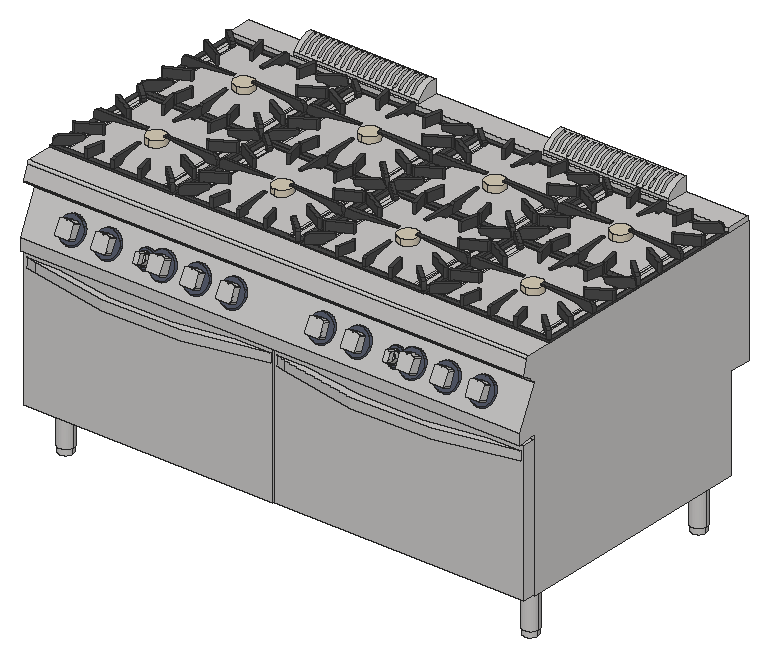
Revit family "QF_ZANUSSI_392017_Z9GCGP8SG0", category Specialty Equipment, Revit 2018 (continued)
Lines and regions (mm)
  symbolic lines
    curve 64: line (233.539, -63.911, 150) -> (242.835, -63.911, 150)
    curve 65: line (242.835, -63.911, 150) -> (242.835, -6.761, 150)
    curve 66: line (242.835, -6.761, 150) -> (233.539, -6.761, 150)
    curve 67: line (252.232, -6.761, 150) -> (252.232, -63.911, 150)
    curve 68: line (252.232, -63.911, 150) -> (261.528, -63.911, 150)
    curve 69: line (261.528, -63.911, 150) -> (261.528, -6.761, 150)
    curve 70: line (261.528, -6.761, 150) -> (252.232, -6.761, 150)
    curve 71: line (270.925, -6.761, 150) -> (270.925, -63.911, 150)
    curve 72: line (270.925, -63.911, 150) -> (280.22, -63.911, 150)
    curve 73: line (280.22, -63.911, 150) -> (280.22, -6.761, 150)
    curve 74: line (280.22, -6.761, 150) -> (270.925, -6.761, 150)
    curve 75: line (289.617, -6.761, 150) -> (289.617, -63.911, 150)
    curve 76: line (289.617, -63.911, 150) -> (298.913, -63.911, 150)
    curve 77: line (298.913, -63.911, 150) -> (298.913, -6.761, 150)
    curve 78: line (298.913, -6.761, 150) -> (289.617, -6.761, 150)
    curve 79: line (308.31, -6.761, 150) -> (308.31, -63.911, 150)
    curve 80: line (308.31, -63.911, 150) -> (317.606, -63.911, 150)
    curve 81: line (317.606, -63.911, 150) -> (317.606, -6.761, 150)
    curve 82: line (317.606, -6.761, 150) -> (308.31, -6.761, 150)
    curve 83: line (327.002, -6.761, 150) -> (327.002, -63.911, 150)
    curve 84: line (327.002, -63.911, 150) -> (336.298, -63.911, 150)
    curve 85: line (336.298, -63.911, 150) -> (336.298, -6.761, 150)
    curve 86: line (336.298, -6.761, 150) -> (327.002, -6.761, 150)
    curve 87: line (345.695, -6.761, 150) -> (345.695, -63.911, 150)
    curve 88: line (345.695, -63.911, 150) -> (354.991, -63.911, 150)
    curve 89: line (354.991, -63.911, 150) -> (354.991, -6.761, 150)
    curve 90: line (354.991, -6.761, 150) -> (345.695, -6.761, 150)
    curve 91: line (200, -69.85, 150) -> (200, 0, 150)
    curve 92: line (600, -69.85, 150) -> (600, 0, 150)
    curve 93: line (600, -69.85, 0) -> (200, -69.85, 0)
    curve 97: line (1370.006, -6.761, 150) -> (1370.006, -63.911, 150)
    curve 98: line (1370.006, -63.911, 150) -> (1379.302, -63.911, 150)
    curve 99: line (1379.302, -63.911, 150) -> (1379.302, -6.761, 150)
    curve 100: line (1379.302, -6.761, 150) -> (1370.006, -6.761, 150)
    curve 101: line (1164.388, -6.761, 150) -> (1164.388, -63.911, 150)
    curve 102: line (1164.388, -63.911, 150) -> (1173.683, -63.911, 150)
    curve 103: line (1173.683, -63.911, 150) -> (1173.683, -6.761, 150)
    curve 104: line (1173.683, -6.761, 150) -> (1164.388, -6.761, 150)
    curve 105: line (1183.08, -6.761, 150) -> (1183.08, -63.911, 150)
    curve 106: line (1183.08, -63.911, 150) -> (1192.376, -63.911, 150)
    curve 107: line (1192.376, -63.911, 150) -> (1192.376, -6.761, 150)
    curve 108: line (1192.376, -6.761, 150) -> (1183.08, -6.761, 150)
    curve 109: line (1201.773, -6.761, 150) -> (1201.773, -63.911, 150)
    curve 110: line (1201.773, -63.911, 150) -> (1211.069, -63.911, 150)
    curve 111: line (1211.069, -63.911, 150) -> (1211.069, -6.761, 150)
    curve 112: line (1211.069, -6.761, 150) -> (1201.773, -6.761, 150)
    curve 113: line (1220.466, -6.761, 150) -> (1220.466, -63.911, 150)
    curve 114: line (1220.466, -63.911, 150) -> (1229.761, -63.911, 150)
    curve 115: line (1229.761, -63.911, 150) -> (1229.761, -6.761, 150)
    curve 116: line (1229.761, -6.761, 150) -> (1220.466, -6.761, 150)
    curve 117: line (1239.158, -6.761, 150) -> (1239.158, -63.911, 150)
    curve 118: line (1239.158, -63.911, 150) -> (1248.454, -63.911, 150)
    curve 119: line (1248.454, -63.911, 150) -> (1248.454, -6.761, 150)
    curve 120: line (1248.454, -6.761, 150) -> (1239.158, -6.761, 150)
    curve 121: line (1257.851, -6.761, 150) -> (1257.851, -63.911, 150)
    curve 122: line (1257.851, -63.911, 150) -> (1267.146, -63.911, 150)
    curve 123: line (1267.146, -63.911, 150) -> (1267.146, -6.761, 150)
    curve 124: line (1267.146, -6.761, 150) -> (1257.851, -6.761, 150)
    curve 125: line (1276.543, -6.761, 150) -> (1276.543, -63.911, 150)
    curve 126: line (1276.543, -63.911, 150) -> (1285.839, -63.911, 150)
    curve 127: line (1285.839, -63.911, 150) -> (1285.839, -6.761, 150)
    curve 128: line (1285.839, -6.761, 150) -> (1276.543, -6.761, 150)
    curve 129: line (1295.236, -6.761, 150) -> (1295.236, -63.911, 150)
    curve 130: line (1295.236, -63.911, 150) -> (1304.532, -63.911, 150)
    curve 131: line (1304.532, -63.911, 150) -> (1304.532, -6.761, 150)
    curve 132: line (1304.532, -6.761, 150) -> (1295.236, -6.761, 150)
    curve 133: line (1313.929, -6.761, 150) -> (1313.929, -63.911, 150)
    curve 134: line (1313.929, -63.911, 150) -> (1323.224, -63.911, 150)
    curve 135: line (1323.224, -63.911, 150) -> (1323.224, -6.761, 150)
    curve 136: line (1323.224, -6.761, 150) -> (1313.929, -6.761, 150)
    curve 137: line (1332.621, -6.761, 150) -> (1332.621, -63.911, 150)
    curve 138: line (1332.621, -63.911, 150) -> (1341.917, -63.911, 150)
    curve 139: line (1341.917, -63.911, 150) -> (1341.917, -6.761, 150)
    curve 140: line (1341.917, -6.761, 150) -> (1332.621, -6.761, 150)
    curve 141: line (1351.314, -6.761, 150) -> (1351.314, -63.911, 150)
    curve 142: line (1351.314, -63.911, 150) -> (1360.61, -63.911, 150)
    curve 143: line (1360.61, -63.911, 150) -> (1360.61, -6.761, 150)
    curve 144: line (1360.61, -6.761, 150) -> (1351.314, -6.761, 150)
    curve 145: line (1014.847, -6.761, 150) -> (1014.847, -63.911, 150)
    curve 146: line (1014.847, -63.911, 150) -> (1024.143, -63.911, 150)
    curve 147: line (1024.143, -63.911, 150) -> (1024.143, -6.761, 150)
    curve 148: line (1024.143, -6.761, 150) -> (1014.847, -6.761, 150)
    curve 149: line (1033.539, -6.761, 150) -> (1033.539, -63.911, 150)
    curve 150: line (1033.539, -63.911, 150) -> (1042.835, -63.911, 150)
    curve 151: line (1042.835, -63.911, 150) -> (1042.835, -6.761, 150)
    curve 152: line (1042.835, -6.761, 150) -> (1033.539, -6.761, 150)
    curve 153: line (1052.232, -6.761, 150) -> (1052.232, -63.911, 150)
    curve 154: line (1052.232, -63.911, 150) -> (1061.528, -63.911, 150)
    curve 155: line (1061.528, -63.911, 150) -> (1061.528, -6.761, 150)
    curve 156: line (1061.528, -6.761, 150) -> (1052.232, -6.761, 150)
    curve 157: line (1070.925, -6.761, 150) -> (1070.925, -63.911, 150)
    curve 158: line (1070.925, -63.911, 150) -> (1080.22, -63.911, 150)
    curve 159: line (1080.22, -63.911, 150) -> (1080.22, -6.761, 150)
    curve 160: line (1080.22, -6.761, 150) -> (1070.925, -6.761, 150)
    curve 161: line (1089.617, -6.761, 150) -> (1089.617, -63.911, 150)
    curve 162: line (1089.617, -63.911, 150) -> (1098.913, -63.911, 150)
    curve 163: line (1098.913, -63.911, 150) -> (1098.913, -6.761, 150)
    curve 164: line (1098.913, -6.761, 150) -> (1089.617, -6.761, 150)
    curve 165: line (1108.31, -6.761, 150) -> (1108.31, -63.911, 150)
    curve 166: line (1108.31, -63.911, 150) -> (1117.606, -63.911, 150)
    curve 167: line (1117.606, -63.911, 150) -> (1117.606, -6.761, 150)
    curve 168: line (1117.606, -6.761, 150) -> (1108.31, -6.761, 150)
    curve 169: line (1127.002, -6.761, 150) -> (1127.002, -63.911, 150)
    curve 170: line (1127.002, -63.911, 150) -> (1136.298, -63.911, 150)
    curve 171: line (1136.298, -63.911, 150) -> (1136.298, -6.761, 150)
    curve 172: line (1136.298, -6.761, 150) -> (1127.002, -6.761, 150)
    curve 173: line (1145.695, -6.761, 150) -> (1145.695, -63.911, 150)
    curve 174: line (1145.695, -63.911, 150) -> (1154.991, -63.911, 150)
    curve 175: line (1154.991, -63.911, 150) -> (1154.991, -6.761, 150)
    curve 176: line (1154.991, -6.761, 150) -> (1145.695, -6.761, 150)
    curve 177: line (1000, -69.85, 150) -> (1000, 0, 150)
    curve 178: line (1400, -69.85, 150) -> (1400, 0, 150)
    curve 179: line (1400, -69.85, 0) -> (1000, -69.85, 0)
    curve 180: line (409.5, -900.009, 0) -> (409.5, -924.356, 0)
    curve 181: arc (409.5, -924.356, 0) -> (409.646, -924.82, 0) -> (410.032, -925.116, 0) r 0.809
    curve 182: arc (410.032, -925.116, 0) -> (411.22, -925.596, 0) -> (412.497, -925.689, 0) r 4.127
    curve 183: arc (409.5, -904.302, 0) -> (404.459, -902.468, 0) -> (399.691, -900.009, 0) r 42.24
    curve 184: arc (409.5, -906.548, 0) -> (410.002, -905.827, 0) -> (410.799, -905.458, 0) r 1.682
    curve 185: arc (410.799, -905.458, 0) -> (421.102, -903.96, 0) -> (431.5, -903.45, 0) r 109.079
    curve 186: line (431.5, -900.009, 0) -> (431.5, -905.68, 0)
    curve 187: line (431.5, -905.68, 0) -> (433.5, -905.68, 0)
    curve 188: line (433.5, -905.68, 0) -> (433.5, -900.009, 0)
    curve 189: line (455.5, -900.009, 0) -> (455.5, -924.356, 0)
    curve 190: arc (455.5, -924.356, 0) -> (455.354, -924.82, 0) -> (454.968, -925.116, 0) r 0.809
    curve 191: arc (454.968, -925.116, 0) -> (453.78, -925.596, 0) -> (452.503, -925.689, 0) r 4.127
    curve 192: arc (455.5, -904.302, 0) -> (460.541, -902.468, 0) -> (465.309, -900.009, 0) r 42.24
    curve 193: arc (455.5, -906.548, 0) -> (454.998, -905.827, 0) -> (454.201, -905.458, 0) r 1.682
    curve 194: arc (454.201, -905.458, 0) -> (443.898, -903.96, 0) -> (433.5, -903.45, 0) r 109.079
    curve 195: line (412.497, -925.689, 0) -> (452.503, -925.689, 0)
    curve 196: line (634.5, -900.009, 0) -> (634.5, -924.356, 0)
    curve 197: arc (634.5, -924.356, 0) -> (634.646, -924.82, 0) -> (635.032, -925.116, 0) r 0.809
    curve 198: arc (635.032, -925.116, 0) -> (636.22, -925.596, 0) -> (637.497, -925.689, 0) r 4.127
    curve 199: arc (634.5, -904.302, 0) -> (629.459, -902.468, 0) -> (624.691, -900.009, 0) r 42.24
    curve 200: arc (634.5, -906.548, 0) -> (635.002, -905.827, 0) -> (635.799, -905.458, 0) r 1.682
    curve 201: arc (635.799, -905.458, 0) -> (646.102, -903.96, 0) -> (656.5, -903.45, 0) r 109.079
    curve 202: line (656.5, -900.009, 0) -> (656.5, -905.68, 0)
    curve 203: line (656.5, -905.68, 0) -> (658.5, -905.68, 0)
    curve 204: line (658.5, -905.68, 0) -> (658.5, -900.009, 0)
    curve 205: line (680.5, -900.009, 0) -> (680.5, -924.356, 0)
    curve 206: arc (680.5, -924.356, 0) -> (680.354, -924.82, 0) -> (679.968, -925.116, 0) r 0.809
    curve 207: arc (679.968, -925.116, 0) -> (678.78, -925.596, 0) -> (677.503, -925.689, 0) r 4.127
    curve 208: arc (680.5, -904.302, 0) -> (685.541, -902.468, 0) -> (690.309, -900.009, 0) r 42.24
    curve 209: arc (680.5, -906.548, 0) -> (679.998, -905.827, 0) -> (679.201, -905.458, 0) r 1.682
    curve 210: arc (679.201, -905.458, 0) -> (668.898, -903.96, 0) -> (658.5, -903.45, 0) r 109.079
    curve 211: line (637.497, -925.689, 0) -> (677.503, -925.689, 0)
    curve 212: line (385.497, -915.139, 0) -> (409.5, -915.139, 0)
    curve 213: line (455.5, -915.139, 0) -> (519.5, -915.139, 0)
    curve 214: line (519.5, -900.009, 0) -> (519.5, -924.356, 0)
    curve 215: arc (519.5, -924.356, 0) -> (519.646, -924.82, 0) -> (520.032, -925.116, 0) r 0.809
    curve 216: arc (520.032, -925.116, 0) -> (521.22, -925.596, 0) -> (522.497, -925.689, 0) r 4.127
    curve 217: arc (519.5, -904.302, 0) -> (514.459, -902.468, 0) -> (509.691, -900.009, 0) r 42.24
    curve 218: arc (519.5, -906.548, 0) -> (520.002, -905.827, 0) -> (520.799, -905.458, 0) r 1.682
    curve 219: arc (520.799, -905.458, 0) -> (531.102, -903.96, 0) -> (541.5, -903.45, 0) r 109.079
    curve 220: line (541.5, -900.009, 0) -> (541.5, -905.68, 0)
    curve 221: line (541.5, -905.68, 0) -> (543.5, -905.68, 0)
    curve 222: line (543.5, -905.68, 0) -> (543.5, -900.009, 0)
    curve 223: line (565.5, -900.009, 0) -> (565.5, -924.356, 0)
    curve 224: arc (565.5, -924.356, 0) -> (565.354, -924.82, 0) -> (564.968, -925.116, 0) r 0.809
    curve 225: arc (564.968, -925.116, 0) -> (563.78, -925.596, 0) -> (562.503, -925.689, 0) r 4.127
    curve 226: arc (565.5, -904.302, 0) -> (570.541, -902.468, 0) -> (575.309, -900.009, 0) r 42.24
    curve 227: arc (565.5, -906.548, 0) -> (564.998, -905.827, 0) -> (564.201, -905.458, 0) r 1.682
    curve 228: arc (564.201, -905.458, 0) -> (553.898, -903.96, 0) -> (543.5, -903.45, 0) r 109.079
    curve 229: line (522.497, -925.689, 0) -> (562.503, -925.689, 0)
    curve 230: line (565.5, -915.139, 0) -> (634.5, -915.139, 0)
    curve 231: line (234.5, -900.009, 0) -> (234.5, -924.356, 0)
    curve 232: arc (234.5, -924.356, 0) -> (234.646, -924.82, 0) -> (235.032, -925.116, 0) r 0.809
    curve 233: arc (235.032, -925.116, 0) -> (236.22, -925.596, 0) -> (237.497, -925.689, 0) r 4.127
    curve 234: arc (234.5, -904.302, 0) -> (229.459, -902.468, 0) -> (224.691, -900.009, 0) r 42.24
    curve 235: arc (234.5, -906.548, 0) -> (235.002, -905.827, 0) -> (235.799, -905.458, 0) r 1.682
    curve 236: arc (235.799, -905.458, 0) -> (246.102, -903.96, 0) -> (256.5, -903.45, 0) r 109.079
    curve 237: line (256.5, -900.009, 0) -> (256.5, -905.68, 0)
    curve 238: line (256.5, -905.68, 0) -> (258.5, -905.68, 0)
    curve 239: line (258.5, -905.68, 0) -> (258.5, -900.009, 0)
    curve 240: line (280.5, -900.009, 0) -> (280.5, -924.356, 0)
    curve 241: arc (280.5, -924.356, 0) -> (280.354, -924.82, 0) -> (279.968, -925.116, 0) r 0.809
    curve 242: arc (279.968, -925.116, 0) -> (278.78, -925.596, 0) -> (277.503, -925.689, 0) r 4.127
    curve 243: arc (280.5, -904.302, 0) -> (285.541, -902.468, 0) -> (290.309, -900.009, 0) r 42.24
    curve 244: arc (280.5, -906.548, 0) -> (279.998, -905.827, 0) -> (279.201, -905.458, 0) r 1.682
    curve 245: arc (279.201, -905.458, 0) -> (268.898, -903.96, 0) -> (258.5, -903.45, 0) r 109.079
    curve 246: line (280.5, -915.139, 0) -> (369.501, -915.139, 0)
    curve 247: line (236.811, -925.689, 0) -> (277.503, -925.689, 0)
    curve 248: line (119.5, -900.009, 0) -> (119.5, -924.356, 0)
    curve 249: arc (119.5, -924.356, 0) -> (119.646, -924.82, 0) -> (120.032, -925.116, 0) r 0.809
    curve 250: arc (120.032, -925.116, 0) -> (121.22, -925.596, 0) -> (122.497, -925.689, 0) r 4.127
    curve 251: arc (119.5, -904.302, 0) -> (114.459, -902.468, 0) -> (109.691, -900.009, 0) r 42.24
    curve 252: arc (119.5, -906.548, 0) -> (120.002, -905.827, 0) -> (120.799, -905.458, 0) r 1.682
    curve 253: arc (120.799, -905.458, 0) -> (131.102, -903.96, 0) -> (141.5, -903.45, 0) r 109.079
    curve 254: line (141.5, -900.009, 0) -> (141.5, -905.68, 0)
    curve 255: line (141.5, -905.68, 0) -> (143.5, -905.68, 0)
    curve 256: line (143.5, -905.68, 0) -> (143.5, -900.009, 0)
    curve 257: line (165.5, -900.009, 0) -> (165.5, -924.356, 0)
    curve 258: arc (165.5, -924.356, 0) -> (165.354, -924.82, 0) -> (164.968, -925.116, 0) r 0.809
    curve 259: arc (164.968, -925.116, 0) -> (163.78, -925.596, 0) -> (162.503, -925.689, 0) r 4.127
    curve 260: arc (165.5, -904.302, 0) -> (170.541, -902.468, 0) -> (175.309, -900.009, 0) r 42.24
    curve 261: arc (165.5, -906.548, 0) -> (164.998, -905.827, 0) -> (164.201, -905.458, 0) r 1.682
    curve 262: arc (164.201, -905.458, 0) -> (153.898, -903.96, 0) -> (143.5, -903.45, 0) r 109.079
    curve 263: line (121.811, -925.689, 0) -> (162.503, -925.689, 0)
    curve 264: line (0, -915.009, 0) -> (119.5, -915.009, 0)
    curve 265: line (369.501, -925.986, 908.9) -> (369.501, -901.233, 908.9)
    curve 266: line (385.497, -901.233, 908.9) -> (385.497, -925.986, 908.9)
    curve 267: spline (366.865, -910.173, 908.9) -> (365.376, -909.501, 908.9) -> (364.101, -908.746, 908.9) -> (363.061, -907.923, 908.9) -> (362.275, -907.046, 908.9) -> (361.758, -906.131, 908.9) -> (361.517, -905.193, 908.9) -> (361.557, -904.249, 908.9) -> (361.878, -903.316, 908.9) -> (362.474, -902.41, 908.9) -> (363.334, -901.547, 908.9) -> (364.444, -900.742, 908.9) -> (365.783, -900.009, 908.9)
    curve 268: spline (389.214, -900.009, 908.9) -> (390.557, -900.745, 908.9) -> (391.67, -901.552, 908.9) -> (392.532, -902.419, 908.9) -> (393.127, -903.329, 908.9) -> (393.446, -904.266, 908.9) -> (393.482, -905.213, 908.9) -> (393.234, -906.154, 908.9) -> (392.709, -907.072, 908.9) -> (391.913, -907.951, 908.9) -> (390.863, -908.776, 908.9) -> (389.575, -909.531, 908.9) -> (388.074, -910.203, 908.9)
    curve 269: spline (388.074, -910.203, 908.9) -> (387.794, -910.331, 908.9) -> (387.513, -910.496, 908.9) -> (387.235, -910.696, 908.9) -> (386.965, -910.927, 908.9) -> (386.706, -911.186, 908.9) -> (386.463, -911.47, 908.9) -> (386.238, -911.774, 908.9) -> (386.035, -912.094, 908.9) -> (385.857, -912.426, 908.9) -> (385.707, -912.763, 908.9) -> (385.586, -913.103, 908.9) -> (385.497, -913.439, 908.9)
    curve 270: spline (369.501, -913.351, 908.9) -> (369.429, -912.997, 908.9) -> (369.321, -912.643, 908.9) -> (369.18, -912.296, 908.9) -> (369.007, -911.959, 908.9) -> (368.806, -911.637, 908.9) -> (368.577, -911.336, 908.9) -> (368.327, -911.06, 908.9) -> (368.056, -910.812, 908.9) -> (367.771, -910.597, 908.9) -> (367.474, -910.417, 908.9) -> (367.171, -910.275, 908.9) -> (366.865, -910.173, 908.9)
    curve 271: line (361.499, -904.856, 908.9) -> (361.499, -900.009, 908.9)
    curve 272: line (393.501, -904.86, 908.9) -> (393.501, -900.009, 908.9)
    curve 273: arc (369.501, -925.986, 908.9) -> (377.499, -927.072, 908.9) -> (385.497, -925.986, 908.9) r 30
    curve 274: arc (369.501, -901.233, 0) -> (369.402, -900.576, 0) -> (369.056, -900.009, 0) r 1.677
    curve 275: arc (385.497, -901.233, 0) -> (385.596, -900.576, 0) -> (385.942, -900.009, 0) r 1.677
    curve 276: line (1209.5, -900.009, 0) -> (1209.5, -924.356, 0)
    curve 277: arc (1209.5, -924.356, 0) -> (1209.646, -924.82, 0) -> (1210.032, -925.116, 0) r 0.809
    curve 278: arc (1210.032, -925.116, 0) -> (1211.22, -925.596, 0) -> (1212.497, -925.689, 0) r 4.127
    curve 279: arc (1209.5, -904.302, 0) -> (1204.459, -902.468, 0) -> (1199.691, -900.009, 0) r 42.24
    curve 280: arc (1209.5, -906.548, 0) -> (1210.002, -905.827, 0) -> (1210.799, -905.458, 0) r 1.682
    curve 281: arc (1210.799, -905.458, 0) -> (1221.102, -903.96, 0) -> (1231.5, -903.45, 0) r 109.079
    curve 282: line (1231.5, -900.009, 0) -> (1231.5, -905.68, 0)
    curve 283: line (1231.5, -905.68, 0) -> (1233.5, -905.68, 0)
    curve 284: line (1233.5, -905.68, 0) -> (1233.5, -900.009, 0)
    curve 285: line (1255.5, -900.009, 0) -> (1255.5, -924.356, 0)
    curve 286: arc (1255.5, -924.356, 0) -> (1255.354, -924.82, 0) -> (1254.968, -925.116, 0) r 0.809
    curve 287: arc (1254.968, -925.116, 0) -> (1253.78, -925.596, 0) -> (1252.503, -925.689, 0) r 4.127
    curve 288: arc (1255.5, -904.302, 0) -> (1260.541, -902.468, 0) -> (1265.309, -900.009, 0) r 42.24
    curve 289: arc (1255.5, -906.548, 0) -> (1254.998, -905.827, 0) -> (1254.201, -905.458, 0) r 1.682
    curve 290: arc (1254.201, -905.458, 0) -> (1243.898, -903.96, 0) -> (1233.5, -903.45, 0) r 109.079
    curve 291: line (1212.497, -925.689, 0) -> (1252.503, -925.689, 0)
    curve 292: line (1434.5, -900.009, 0) -> (1434.5, -924.356, 0)
    curve 293: arc (1434.5, -924.356, 0) -> (1434.646, -924.82, 0) -> (1435.032, -925.116, 0) r 0.809
    curve 294: arc (1435.032, -925.116, 0) -> (1436.22, -925.596, 0) -> (1437.497, -925.689, 0) r 4.127
    curve 295: arc (1434.5, -904.302, 0) -> (1429.459, -902.468, 0) -> (1424.691, -900.009, 0) r 42.24
    curve 296: arc (1434.5, -906.548, 0) -> (1435.002, -905.827, 0) -> (1435.799, -905.458, 0) r 1.682
    curve 297: arc (1435.799, -905.458, 0) -> (1446.102, -903.96, 0) -> (1456.5, -903.45, 0) r 109.079
    curve 298: line (1456.5, -900.009, 0) -> (1456.5, -905.68, 0)
    curve 299: line (1456.5, -905.68, 0) -> (1458.5, -905.68, 0)
    curve 300: line (1458.5, -905.68, 0) -> (1458.5, -900.009, 0)
    curve 301: line (1480.5, -900.009, 0) -> (1480.5, -924.356, 0)
    curve 302: arc (1480.5, -924.356, 0) -> (1480.354, -924.82, 0) -> (1479.968, -925.116, 0) r 0.809
    curve 303: arc (1479.968, -925.116, 0) -> (1478.78, -925.596, 0) -> (1477.503, -925.689, 0) r 4.127
    curve 304: arc (1480.5, -904.302, 0) -> (1485.541, -902.468, 0) -> (1490.309, -900.009, 0) r 42.24
    curve 305: arc (1480.5, -906.548, 0) -> (1479.998, -905.827, 0) -> (1479.201, -905.458, 0) r 1.682
    curve 306: arc (1479.201, -905.458, 0) -> (1468.898, -903.96, 0) -> (1458.5, -903.45, 0) r 109.079
    curve 307: line (1437.497, -925.689, 0) -> (1477.503, -925.689, 0)
    curve 308: line (1185.497, -915.139, 0) -> (1209.5, -915.139, 0)
    curve 309: line (1255.5, -915.139, 0) -> (1319.5, -915.139, 0)
    curve 310: line (1319.5, -900.009, 0) -> (1319.5, -924.356, 0)
    curve 311: arc (1319.5, -924.356, 0) -> (1319.646, -924.82, 0) -> (1320.032, -925.116, 0) r 0.809
    curve 312: arc (1320.032, -925.116, 0) -> (1321.22, -925.596, 0) -> (1322.497, -925.689, 0) r 4.127
    curve 313: arc (1319.5, -904.302, 0) -> (1314.459, -902.468, 0) -> (1309.691, -900.009, 0) r 42.24
    curve 314: arc (1319.5, -906.548, 0) -> (1320.002, -905.827, 0) -> (1320.799, -905.458, 0) r 1.682
    curve 315: arc (1320.799, -905.458, 0) -> (1331.102, -903.96, 0) -> (1341.5, -903.45, 0) r 109.079
    curve 316: line (1341.5, -900.009, 0) -> (1341.5, -905.68, 0)
    curve 317: line (1341.5, -905.68, 0) -> (1343.5, -905.68, 0)
    curve 318: line (1343.5, -905.68, 0) -> (1343.5, -900.009, 0)
    curve 319: line (1365.5, -900.009, 0) -> (1365.5, -924.356, 0)
    curve 320: arc (1365.5, -924.356, 0) -> (1365.354, -924.82, 0) -> (1364.968, -925.116, 0) r 0.809
    curve 321: arc (1364.968, -925.116, 0) -> (1363.78, -925.596, 0) -> (1362.503, -925.689, 0) r 4.127
    curve 322: arc (1365.5, -904.302, 0) -> (1370.541, -902.468, 0) -> (1375.309, -900.009, 0) r 42.24
    curve 323: arc (1365.5, -906.548, 0) -> (1364.998, -905.827, 0) -> (1364.201, -905.458, 0) r 1.682
    curve 324: arc (1364.201, -905.458, 0) -> (1353.898, -903.96, 0) -> (1343.5, -903.45, 0) r 109.079
    curve 325: line (1322.497, -925.689, 0) -> (1362.503, -925.689, 0)
    curve 326: line (1365.5, -915.139, 0) -> (1434.5, -915.139, 0)
    curve 327: line (1034.5, -900.009, 0) -> (1034.5, -924.356, 0)
    curve 328: arc (1034.5, -924.356, 0) -> (1034.646, -924.82, 0) -> (1035.032, -925.116, 0) r 0.809
    curve 329: arc (1035.032, -925.116, 0) -> (1036.22, -925.596, 0) -> (1037.497, -925.689, 0) r 4.127
    curve 330: arc (1034.5, -904.302, 0) -> (1029.459, -902.468, 0) -> (1024.691, -900.009, 0) r 42.24
    curve 331: arc (1034.5, -906.548, 0) -> (1035.002, -905.827, 0) -> (1035.799, -905.458, 0) r 1.682
    curve 332: arc (1035.799, -905.458, 0) -> (1046.102, -903.96, 0) -> (1056.5, -903.45, 0) r 109.079
    curve 333: line (1056.5, -900.009, 0) -> (1056.5, -905.68, 0)
    curve 334: line (1056.5, -905.68, 0) -> (1058.5, -905.68, 0)
    curve 335: line (1058.5, -905.68, 0) -> (1058.5, -900.009, 0)
    curve 336: line (1080.5, -900.009, 0) -> (1080.5, -924.356, 0)
    curve 337: arc (1080.5, -924.356, 0) -> (1080.354, -924.82, 0) -> (1079.968, -925.116, 0) r 0.809
    curve 338: arc (1079.968, -925.116, 0) -> (1078.78, -925.596, 0) -> (1077.503, -925.689, 0) r 4.127
    curve 339: arc (1080.5, -904.302, 0) -> (1085.541, -902.468, 0) -> (1090.309, -900.009, 0) r 42.24
    curve 340: arc (1080.5, -906.548, 0) -> (1079.998, -905.827, 0) -> (1079.201, -905.458, 0) r 1.682
    curve 341: arc (1079.201, -905.458, 0) -> (1068.898, -903.96, 0) -> (1058.5, -903.45, 0) r 109.079
    curve 342: line (1080.5, -915.139, 0) -> (1169.501, -915.139, 0)
    curve 343: line (1036.811, -925.689, 0) -> (1077.503, -925.689, 0)
    curve 344: line (919.5, -900.009, 0) -> (919.5, -924.356, 0)
    curve 345: arc (919.5, -924.356, 0) -> (919.646, -924.82, 0) -> (920.032, -925.116, 0) r 0.809
    curve 346: arc (920.032, -925.116, 0) -> (921.22, -925.596, 0) -> (922.497, -925.689, 0) r 4.127
    curve 347: arc (919.5, -904.302, 0) -> (914.459, -902.468, 0) -> (909.691, -900.009, 0) r 42.24
    curve 348: arc (919.5, -906.548, 0) -> (920.002, -905.827, 0) -> (920.799, -905.458, 0) r 1.682
    curve 349: arc (920.799, -905.458, 0) -> (931.102, -903.96, 0) -> (941.5, -903.45, 0) r 109.079
    curve 350: line (941.5, -900.009, 0) -> (941.5, -905.68, 0)
    curve 351: line (941.5, -905.68, 0) -> (943.5, -905.68, 0)
    curve 352: line (943.5, -905.68, 0) -> (943.5, -900.009, 0)
    curve 353: line (965.5, -900.009, 0) -> (965.5, -924.356, 0)
    curve 354: arc (965.5, -924.356, 0) -> (965.354, -924.82, 0) -> (964.968, -925.116, 0) r 0.809
    curve 355: arc (964.968, -925.116, 0) -> (963.78, -925.596, 0) -> (962.503, -925.689, 0) r 4.127
    curve 356: arc (965.5, -904.302, 0) -> (970.541, -902.468, 0) -> (975.309, -900.009, 0) r 42.24
    curve 357: arc (965.5, -906.548, 0) -> (964.998, -905.827, 0) -> (964.201, -905.458, 0) r 1.682
    curve 358: arc (964.201, -905.458, 0) -> (953.898, -903.96, 0) -> (943.5, -903.45, 0) r 109.079
    curve 359: line (921.811, -925.689, 0) -> (962.503, -925.689, 0)
    curve 360: line (681.5, -915.009, 0) -> (919.5, -915.009, 0)
    curve 361: line (1169.501, -925.986, 908.9) -> (1169.501, -901.233, 908.9)
    curve 362: line (1185.497, -901.233, 908.9) -> (1185.497, -925.986, 908.9)
    curve 363: spline (1166.865, -910.173, 908.9) -> (1165.376, -909.501, 908.9) -> (1164.101, -908.746, 908.9) -> (1163.061, -907.923, 908.9) -> (1162.275, -907.046, 908.9) -> (1161.758, -906.131, 908.9) -> (1161.517, -905.193, 908.9) -> (1161.557, -904.249, 908.9) -> (1161.878, -903.316, 908.9) -> (1162.474, -902.41, 908.9) -> (1163.334, -901.547, 908.9) -> (1164.444, -900.742, 908.9) -> (1165.783, -900.009, 908.9)
    curve 364: spline (1189.214, -900.009, 908.9) -> (1190.557, -900.745, 908.9) -> (1191.67, -901.552, 908.9) -> (1192.532, -902.419, 908.9) -> (1193.127, -903.329, 908.9) -> (1193.446, -904.266, 908.9) -> (1193.482, -905.213, 908.9) -> (1193.234, -906.154, 908.9) -> (1192.709, -907.072, 908.9) -> (1191.913, -907.951, 908.9) -> (1190.863, -908.776, 908.9) -> (1189.575, -909.531, 908.9) -> (1188.074, -910.203, 908.9)
    curve 365: spline (1188.074, -910.203, 908.9) -> (1187.794, -910.331, 908.9) -> (1187.513, -910.496, 908.9) -> (1187.235, -910.696, 908.9) -> (1186.965, -910.927, 908.9) -> (1186.706, -911.186, 908.9) -> (1186.463, -911.47, 908.9) -> (1186.238, -911.774, 908.9) -> (1186.035, -912.094, 908.9) -> (1185.857, -912.426, 908.9) -> (1185.707, -912.763, 908.9) -> (1185.586, -913.103, 908.9) -> (1185.497, -913.439, 908.9)
    curve 366: spline (1169.501, -913.351, 908.9) -> (1169.429, -912.997, 908.9) -> (1169.321, -912.643, 908.9) -> (1169.18, -912.296, 908.9) -> (1169.007, -911.959, 908.9) -> (1168.806, -911.637, 908.9) -> (1168.577, -911.336, 908.9) -> (1168.327, -911.06, 908.9) -> (1168.056, -910.812, 908.9) -> (1167.771, -910.597, 908.9) -> (1167.474, -910.417, 908.9) -> (1167.171, -910.275, 908.9) -> (1166.865, -910.173, 908.9)
    curve 367: line (1161.499, -904.856, 908.9) -> (1161.499, -900.009, 908.9)
    curve 368: line (1193.501, -904.86, 908.9) -> (1193.501, -900.009, 908.9)
    curve 369: arc (1169.501, -925.986, 908.9) -> (1177.499, -927.072, 908.9) -> (1185.497, -925.986, 908.9) r 30
    curve 370: arc (1169.501, -901.233, 0) -> (1169.402, -900.576, 0) -> (1169.056, -900.009, 0) r 1.677
    curve 371: arc (1185.497, -901.233, 0) -> (1185.596, -900.576, 0) -> (1185.942, -900.009, 0) r 1.677
    curve 375: line (0, -900.009, 0) -> (1600, -900.009, 0)
    curve 377: arc (234.5, -924.192, 0) -> (204.861, -919.949, 0) -> (175.331, -915.009, 0) r 1272.5
    curve 378: arc (553.653, -925.689, 0) -> (400, -935, 0) -> (246.347, -925.689, 0) r 1272.5
    curve 379: arc (623.948, -915.139, 0) -> (594.777, -920.005, 0) -> (565.5, -924.192, 0) r 1272.5
    curve 381: arc (1069.347, -925.689, 0) -> (1252.226, -934.664, 0) -> (1434.5, -917.3, 0) r 1272.5
    curve 382: arc (999.052, -915.139, 0) -> (1016.755, -918.175, 0) -> (1034.5, -920.961, 0) r 1272.5
  symbolic lines, style "QF_Clearances", visible <- "Show Clearance", detail levels coarse
    curve 7: line (-100, -915, 150) -> (-100, 100, 150)
    curve 8: line (-100, 100, 150) -> (1700, 100, 150)
    curve 9: line (1700, 100, 150) -> (1700, -915, 150)
  symbolic lines, style "SpecialityEquipment"
    curve 372: line (1455, -915.139, 0) -> (1600, -915.139, 0)
    curve 373: line (165.5, -915.009, 0) -> (234.5, -915.009, 0)
    curve 374: line (965.5, -915.009, 0) -> (1034.5, -915.009, 0)
    curve 376: arc (61.287, -915.009, 0) -> (400, -960, 0) -> (738.713, -915.009, 0) r 1297.5
    curve 380: arc (1538.713, -915.009, 0) -> (1200, -960, 0) -> (861.287, -915.009, 0) r 1297.5
Dimensions and locks
  equal spacing: plane 3 "LEFT", plane 7 "Center Y", plane 4 "RIGHT"
  plane 3 "LEFT" to plane 4 "RIGHT" = 1600 mm
  equal spacing: plane 5 "FRONT", plane 8 "Center X", plane 1 "BACK"
  plane 11 to plane 1 "BACK" = 915 mm  (x2)
  plane 6 "TOP" to level = 908 mm
  plane 9 "Base" to level = 150 mm
  plane 6 "TOP" to plane 10 = 58 mm  (x3)
  plane 1 "BACK" to plane 11 = 915 mm
  plane 1 "BACK" to plane 12 = 1109 mm
  plane 13 to plane 1 "BACK" = 128 mm
  plane 9 "Base" to plane 2 = 150 mm
  plane 14 to plane 13 = 674 mm
  plane 15 to plane 1 "BACK" = 1310 mm
  plane 16 to plane 1 "BACK" = 665 mm
  plane 6 "TOP" to plane 2 = 908 mm
  plane 10 to plane 2 = 850 mm
  plane 3 "LEFT" to plane 17 = 56 mm
  Extrusion 4 sketch curve to Extrusion 4 sketch curve = 100 mm
  Extrusion 3 sketch curve to plane 1 "BACK" = 665 mm
  Extrusion 3 sketch curve to plane 4 "RIGHT" = 51 mm
  Extrusion 3 sketch curve to plane 4 "RIGHT" = 851 mm
  plane 4 "RIGHT" to plane 18 to plane 17 = 56 mm, 1488 mm
  plane 4 "RIGHT" to plane 19 = 851 mm
  plane 2 to Extrusion 3 = 128 mm
  plane 10 to plane 9 "Base" = 700 mm
  aligned and locked: level to plane 2
  aligned and locked: plane 4 "RIGHT" to Extrusion 1
  aligned and locked: plane 4 "RIGHT" to Extrusion 2
Automatic sketch dimensions
  Extrusion 1 sketch curve to plane 11 = 0 mm
  Extrusion 1 sketch curve to plane 10 = 0 mm
  Extrusion 1 sketch curve to plane 9 "Base" = 0 mm
  Extrusion 1 sketch curve to plane 1 "BACK" = 0 mm
  Extrusion 1 sketch curve to plane 11 = 15 mm
  Extrusion 1 sketch curve to plane 11 = 15.116 mm
  Extrusion 1 sketch curve to Extrusion 1 sketch curve = 2.884 mm
  Extrusion 1 sketch curve to plane 10 = 7.474 mm
  Extrusion 1 sketch curve to plane 11 = 28.167 mm
  Extrusion 1 sketch curve to Extrusion 1 sketch curve = 10.198 mm
  Extrusion 1 sketch curve to Extrusion 1 sketch curve = 40 mm
  Extrusion 1 sketch curve to Extrusion 1 sketch curve = 1.355 mm
  Extrusion 1 sketch curve to Extrusion 1 sketch curve = 0.445 mm
  Extrusion 1 sketch curve to Extrusion 1 sketch curve = 5 mm
  Extrusion 1 sketch curve to Extrusion 1 sketch curve = 31.82 mm  (x2)
  Extrusion 1 sketch curve to plane 13 = 57 mm
  plane 9 "Base" to Extrusion 1 sketch curve = 5 mm
  plane 9 "Base" to Extrusion 1 sketch curve = 300.038 mm
  Extrusion 1 sketch curve to Extrusion 1 sketch curve = 242.526 mm
  Extrusion 1 sketch curve to Extrusion 1 sketch curve = 5.508 mm
  Extrusion 1 sketch curve to Extrusion 1 sketch curve = 10.259 mm
  Extrusion 1 sketch curve to Extrusion 1 sketch curve = 35 mm
  Extrusion 1 sketch curve to Extrusion 1 sketch curve = 81.162 mm
  Extrusion 1 sketch curve to Extrusion 1 sketch curve = 3 mm
  plane 18 to Extrusion 5 sketch curve = 13 mm
  plane 16 to Extrusion 5 sketch curve = 89 mm
  Revolve 6 sketch curve to plane 9 "Base" = 0 mm  (x2)
  Revolve 6 sketch curve to level = 0 mm
  plane 17 to Revolve 6 sketch curve = 0 mm  (x2)
  plane 17 to Revolve 6 sketch curve = 22.9 mm
  Revolve 6 sketch curve to Revolve 6 sketch curve = 2.5 mm
  level to Revolve 6 sketch curve = 19.05 mm
  plane 9 "Base" to Revolve 6 sketch curve = 20 mm
  Revolve 7 sketch curve to plane 9 "Base" = 0 mm  (x2)
  Revolve 7 sketch curve to level = 0 mm
  plane 17 to Revolve 7 sketch curve = 0 mm  (x2)
  plane 17 to Revolve 7 sketch curve = 22.9 mm
  Revolve 7 sketch curve to Revolve 7 sketch curve = 2.5 mm
  level to Revolve 7 sketch curve = 19.05 mm
  plane 9 "Base" to Revolve 7 sketch curve = 20 mm
  Extrusion 8 sketch curve to plane 1 "BACK" = 0 mm
  Extrusion 8 sketch curve to plane 6 "TOP" = 0 mm
  plane 1 "BACK" to Extrusion 8 sketch curve = 1.769 mm
  plane 10 to Extrusion 8 sketch curve = 23.813 mm
  plane 1 "BACK" to Extrusion 8 sketch curve = 69.85 mm
  plane 10 to Extrusion 8 sketch curve = 14.288 mm
  plane 1 "BACK" to Extrusion 9 sketch curve = 63.911 mm  (x2)
  Extrusion 9 sketch curve to plane 17 = 158.847 mm
  Extrusion 9 sketch curve to Extrusion 9 sketch curve = 9.296 mm  (x20)
  Extrusion 9 sketch curve to Extrusion 9 sketch curve = 9.397 mm  (x19)
  Extrusion 9 sketch curve to Extrusion 9 sketch curve = 0 mm  (x18)
  plane 1 "BACK" to Extrusion 9 sketch curve = 6.761 mm  (x20)
  Revolve 10 sketch curve to plane 9 "Base" = 0 mm  (x2)
  Revolve 10 sketch curve to level = 0 mm
  Revolve 10 sketch curve to plane 18 = 0 mm  (x2)
  plane 18 to Revolve 10 sketch curve = 22.9 mm
  Revolve 10 sketch curve to Revolve 10 sketch curve = 2.5 mm
  level to Revolve 10 sketch curve = 19.05 mm
  plane 9 "Base" to Revolve 10 sketch curve = 20 mm
  Revolve 11 sketch curve to plane 9 "Base" = 0 mm  (x2)
  Revolve 11 sketch curve to level = 0 mm
  Revolve 11 sketch curve to plane 18 = 0 mm  (x2)
  plane 18 to Revolve 11 sketch curve = 22.9 mm
  Revolve 11 sketch curve to Revolve 11 sketch curve = 2.5 mm
  level to Revolve 11 sketch curve = 19.05 mm
  plane 9 "Base" to Revolve 11 sketch curve = 20 mm
  Extrusion 12 sketch curve to plane 1 "BACK" = 0 mm
  Extrusion 12 sketch curve to plane 6 "TOP" = 0 mm
  plane 1 "BACK" to Extrusion 12 sketch curve = 1.769 mm
  plane 10 to Extrusion 12 sketch curve = 23.813 mm
  plane 1 "BACK" to Extrusion 12 sketch curve = 69.85 mm
  plane 10 to Extrusion 12 sketch curve = 14.288 mm
  plane 1 "BACK" to Extrusion 13 sketch curve = 63.911 mm  (x2)
  plane 7 "Center Y" to Extrusion 13 sketch curve = 214.847 mm
  Extrusion 13 sketch curve to Extrusion 13 sketch curve = 9.296 mm  (x20)
  Extrusion 13 sketch curve to Extrusion 13 sketch curve = 9.397 mm  (x19)
  Extrusion 13 sketch curve to Extrusion 13 sketch curve = 0 mm  (x18)
  plane 1 "BACK" to Extrusion 13 sketch curve = 6.761 mm  (x20)
  Blend 14 sketch curve to plane 18 = 364.5 mm  (x2)
  Blend 14 sketch curve to Blend 14 sketch curve = 53 mm  (x2)
  Blend 14 sketch curve to Blend 14 sketch curve = 0 mm  (x2)
  Blend 14 sketch curve to Blend 14 sketch curve = 17.95 mm
  Blend 14 sketch curve to Blend 14 sketch curve = 24.037 mm
  Blend 14 sketch curve to Blend 14 sketch curve = 18.422 mm
  Blend 14 sketch curve to Blend 14 sketch curve = 21.086 mm
  Extrusion 15 sketch curve to plane 18 = 366.501 mm
  plane 7 "Center Y" to Extrusion 16 sketch curve = 360.607 mm
  Extrusion 16 sketch curve to Extrusion 16 sketch curve = 6.058 mm
  Extrusion 16 sketch curve to Extrusion 16 sketch curve = 0.01 mm  (x2)
  Extrusion 16 sketch curve to Extrusion 16 sketch curve = 8.895 mm  (x2)
  Extrusion 16 sketch curve to Extrusion 16 sketch curve = 15.995 mm
  Extrusion 16 sketch curve to Extrusion 16 sketch curve = 2.827 mm  (x3)
  Extrusion 16 sketch curve to Extrusion 16 sketch curve = 0 mm
  Extrusion 16 sketch curve to Extrusion 16 sketch curve = 15.163 mm
  Extrusion 16 sketch curve to Extrusion 16 sketch curve = 15.173 mm
  Extrusion 17 sketch curve to plane 18 = 334.5 mm
  Extrusion 17 sketch curve to Extrusion 17 sketch curve = 2.997 mm  (x3)
  Extrusion 17 sketch curve to Extrusion 17 sketch curve = 20.003 mm  (x2)
  Extrusion 17 sketch curve to Extrusion 17 sketch curve = 40.005 mm
  Extrusion 17 sketch curve to Extrusion 17 sketch curve = 5.399 mm
  Extrusion 17 sketch curve to Extrusion 17 sketch curve = 40.037 mm
  Extrusion 17 sketch curve to Extrusion 17 sketch curve = 0 mm  (x2)
  Split face 27 sketch curve to Split face 27 sketch curve = 2.545 mm
  Split face 27 sketch curve to Split face 27 sketch curve = 4.379 mm
  Blend 18 sketch curve to plane 18 = 201.5 mm  (x2)
  Extrusion 19 sketch curve to plane 18 = 224.5 mm
  Extrusion 19 sketch curve to Extrusion 19 sketch curve = 2.997 mm  (x3)
  Extrusion 19 sketch curve to Extrusion 19 sketch curve = 20.003 mm  (x2)
  Extrusion 19 sketch curve to Extrusion 19 sketch curve = 40.005 mm
  Extrusion 19 sketch curve to Extrusion 19 sketch curve = 5.399 mm
  Extrusion 19 sketch curve to Extrusion 19 sketch curve = 40.037 mm
  Extrusion 19 sketch curve to Extrusion 19 sketch curve = 0 mm  (x2)
  Extrusion 20 sketch curve to plane 11 = 9.394 mm
  Extrusion 20 sketch curve to plane 10 = 111.98 mm
  Extrusion 20 sketch curve to Extrusion 20 sketch curve = 3 mm
  Extrusion 20 sketch curve to Extrusion 20 sketch curve = 0 mm  (x2)
  Extrusion 20 sketch curve to Extrusion 20 sketch curve = 1 mm
  Extrusion 20 sketch curve to Extrusion 20 sketch curve = 15 mm
  Extrusion 21 sketch curve to plane 18 = 219 mm
  Extrusion 21 sketch curve to Extrusion 21 sketch curve = 35 mm  (x2)
  Extrusion 22 sketch curve to plane 11 = 9.394 mm
  Extrusion 22 sketch curve to plane 10 = 111.98 mm
  Extrusion 22 sketch curve to Extrusion 22 sketch curve = 3 mm
  Extrusion 22 sketch curve to Extrusion 22 sketch curve = 0 mm
  Extrusion 22 sketch curve to Extrusion 22 sketch curve = 1 mm  (x2)
  Extrusion 22 sketch curve to Extrusion 22 sketch curve = 15 mm
  Extrusion 23 sketch curve to plane 18 = 69 mm
  Extrusion 23 sketch curve to Extrusion 23 sketch curve = 35 mm  (x2)
  Blend 24 sketch curve to plane 18 = 86.5 mm  (x2)
  Extrusion 25 sketch curve to plane 18 = 63.5 mm
  Extrusion 25 sketch curve to Extrusion 25 sketch curve = 2.997 mm  (x3)
  Extrusion 25 sketch curve to Extrusion 25 sketch curve = 20.003 mm  (x2)
  Extrusion 25 sketch curve to Extrusion 25 sketch curve = 40.005 mm
  Extrusion 25 sketch curve to Extrusion 25 sketch curve = 0 mm  (x2)
  Extrusion 25 sketch curve to Extrusion 25 sketch curve = 40.037 mm
  Extrusion 25 sketch curve to Extrusion 25 sketch curve = 5.399 mm
  Split face 29 sketch curve to Split face 29 sketch curve = 6 mm
  Split face 29 sketch curve to Split face 29 sketch curve = 10 mm
  Split face 30 sketch curve to Split face 30 sketch curve = 5 mm
  Split face 30 sketch curve to Split face 30 sketch curve = 9 mm
  Split face 31 sketch curve to Split face 31 sketch curve = 5 mm
  Split face 32 sketch curve to Split face 32 sketch curve = 5 mm
  Split face 33 sketch curve to Split face 33 sketch curve = 6 mm
  Split face 33 sketch curve to Split face 33 sketch curve = 10 mm
  Split face 34 sketch curve to Split face 34 sketch curve = 5 mm
  Split face 34 sketch curve to Split face 34 sketch curve = 9 mm
  Split face 35 sketch curve to Split face 35 sketch curve = 5 mm
  Split face 36 sketch curve to Split face 36 sketch curve = 5 mm
  Extrusion 26 sketch curve to plane 18 = 366.501 mm
  Extrusion 27 sketch curve to plane 11 = 9.394 mm
  Extrusion 27 sketch curve to plane 10 = 111.98 mm
  Extrusion 27 sketch curve to Extrusion 27 sketch curve = 3 mm
  Extrusion 27 sketch curve to Extrusion 27 sketch curve = 0 mm  (x2)
  Extrusion 27 sketch curve to Extrusion 27 sketch curve = 1 mm
  Extrusion 27 sketch curve to Extrusion 27 sketch curve = 15 mm
  plane 7 "Center Y" to Blend 28 sketch curve = 142.5 mm  (x2)
  plane 7 "Center Y" to Extrusion 29 sketch curve = 119.5 mm
  Extrusion 29 sketch curve to Extrusion 29 sketch curve = 2.997 mm  (x3)
  Extrusion 29 sketch curve to Extrusion 29 sketch curve = 20.003 mm  (x2)
  Extrusion 29 sketch curve to Extrusion 29 sketch curve = 40.005 mm
  Extrusion 29 sketch curve to Extrusion 29 sketch curve = 5.399 mm
  Extrusion 29 sketch curve to Extrusion 29 sketch curve = 40.037 mm
  Extrusion 29 sketch curve to Extrusion 29 sketch curve = 0 mm  (x2)
  Extrusion 30 sketch curve to plane 11 = 9.394 mm
  Extrusion 30 sketch curve to plane 10 = 111.98 mm
  Extrusion 30 sketch curve to Extrusion 30 sketch curve = 3 mm
  Extrusion 30 sketch curve to Extrusion 30 sketch curve = 0 mm  (x2)
  Extrusion 30 sketch curve to Extrusion 30 sketch curve = 1 mm
  Extrusion 30 sketch curve to Extrusion 30 sketch curve = 15 mm
  plane 7 "Center Y" to Extrusion 31 sketch curve = 125 mm
  Extrusion 31 sketch curve to Extrusion 31 sketch curve = 35 mm  (x2)
  Extrusion 32 sketch curve to plane 11 = 9.394 mm
  Extrusion 32 sketch curve to plane 10 = 111.98 mm
  Extrusion 32 sketch curve to Extrusion 32 sketch curve = 3 mm
  Extrusion 32 sketch curve to Extrusion 32 sketch curve = 0 mm
  Extrusion 32 sketch curve to Extrusion 32 sketch curve = 1 mm  (x2)
  Extrusion 32 sketch curve to Extrusion 32 sketch curve = 15 mm
  plane 7 "Center Y" to Extrusion 33 sketch curve = 275 mm
  Extrusion 33 sketch curve to Extrusion 33 sketch curve = 35 mm  (x2)
  plane 7 "Center Y" to Blend 34 sketch curve = 257.5 mm  (x2)
  plane 7 "Center Y" to Extrusion 35 sketch curve = 280.5 mm
  Extrusion 35 sketch curve to Extrusion 35 sketch curve = 2.997 mm  (x3)
  Extrusion 35 sketch curve to Extrusion 35 sketch curve = 20.003 mm  (x2)
  Extrusion 35 sketch curve to Extrusion 35 sketch curve = 40.005 mm
  Extrusion 35 sketch curve to Extrusion 35 sketch curve = 0 mm  (x2)
  Extrusion 35 sketch curve to Extrusion 35 sketch curve = 40.037 mm
  Extrusion 35 sketch curve to Extrusion 35 sketch curve = 5.399 mm
  Split face 45 sketch curve to Split face 45 sketch curve = 6 mm
  Split face 45 sketch curve to Split face 45 sketch curve = 10 mm
  Split face 46 sketch curve to Split face 46 sketch curve = 5 mm
  Split face 46 sketch curve to Split face 46 sketch curve = 9 mm
  Split face 47 sketch curve to Split face 47 sketch curve = 5 mm
  Split face 48 sketch curve to Split face 48 sketch curve = 5 mm
  Split face 49 sketch curve to Split face 49 sketch curve = 6 mm
  Split face 49 sketch curve to Split face 49 sketch curve = 10 mm
  Split face 50 sketch curve to Split face 50 sketch curve = 5 mm
  Split face 50 sketch curve to Split face 50 sketch curve = 9 mm
  Split face 51 sketch curve to Split face 51 sketch curve = 5 mm
  Split face 52 sketch curve to Split face 52 sketch curve = 5 mm
  Blend 36 sketch curve to plane 17 = 323.5 mm  (x2)
  Blend 36 sketch curve to Blend 36 sketch curve = 53 mm  (x2)
  Blend 36 sketch curve to Blend 36 sketch curve = 0 mm  (x2)
  Blend 36 sketch curve to Blend 36 sketch curve = 17.95 mm
  Blend 36 sketch curve to Blend 36 sketch curve = 24.037 mm
  Blend 36 sketch curve to Blend 36 sketch curve = 18.422 mm
  Blend 36 sketch curve to Blend 36 sketch curve = 21.086 mm
  Extrusion 37 sketch curve to plane 17 = 321.499 mm
  Extrusion 38 sketch curve to plane 17 = 304.607 mm
  Extrusion 38 sketch curve to Extrusion 38 sketch curve = 6.058 mm
  Extrusion 38 sketch curve to Extrusion 38 sketch curve = 0.01 mm  (x2)
  Extrusion 38 sketch curve to Extrusion 38 sketch curve = 8.895 mm  (x2)
  Extrusion 38 sketch curve to Extrusion 38 sketch curve = 15.995 mm
  Extrusion 38 sketch curve to Extrusion 38 sketch curve = 2.827 mm  (x3)
  Extrusion 38 sketch curve to Extrusion 38 sketch curve = 0 mm
  Extrusion 38 sketch curve to Extrusion 38 sketch curve = 15.163 mm
  Extrusion 38 sketch curve to Extrusion 38 sketch curve = 15.173 mm
  Extrusion 39 sketch curve to plane 19 = 339.5 mm
  Extrusion 39 sketch curve to Extrusion 39 sketch curve = 2.997 mm  (x3)
  Extrusion 39 sketch curve to Extrusion 39 sketch curve = 20.003 mm  (x2)
  Extrusion 39 sketch curve to Extrusion 39 sketch curve = 40.005 mm
  Extrusion 39 sketch curve to Extrusion 39 sketch curve = 5.399 mm
  Extrusion 39 sketch curve to Extrusion 39 sketch curve = 40.037 mm
  Extrusion 39 sketch curve to Extrusion 39 sketch curve = 0 mm  (x2)
  Split face 86 sketch curve to Split face 86 sketch curve = 2.545 mm
  Split face 86 sketch curve to Split face 86 sketch curve = 4.379 mm
  Blend 40 sketch curve to plane 19 = 206.5 mm  (x2)
  Extrusion 41 sketch curve to plane 19 = 229.5 mm
  Extrusion 41 sketch curve to Extrusion 41 sketch curve = 2.997 mm  (x3)
  Extrusion 41 sketch curve to Extrusion 41 sketch curve = 20.003 mm  (x2)
  Extrusion 41 sketch curve to Extrusion 41 sketch curve = 40.005 mm
  Extrusion 41 sketch curve to Extrusion 41 sketch curve = 5.399 mm
  Extrusion 41 sketch curve to Extrusion 41 sketch curve = 40.037 mm
  Extrusion 41 sketch curve to Extrusion 41 sketch curve = 0 mm  (x2)
  Extrusion 42 sketch curve to plane 11 = 9.394 mm
  Extrusion 42 sketch curve to plane 10 = 111.98 mm
  Extrusion 42 sketch curve to Extrusion 42 sketch curve = 3 mm
  Extrusion 42 sketch curve to Extrusion 42 sketch curve = 0 mm  (x2)
  Extrusion 42 sketch curve to Extrusion 42 sketch curve = 1 mm
  Extrusion 42 sketch curve to Extrusion 42 sketch curve = 15 mm
  Extrusion 43 sketch curve to plane 19 = 224 mm
  Extrusion 43 sketch curve to Extrusion 43 sketch curve = 35 mm  (x2)
  Extrusion 44 sketch curve to plane 11 = 9.394 mm
  Extrusion 44 sketch curve to plane 10 = 111.98 mm
  Extrusion 44 sketch curve to Extrusion 44 sketch curve = 3 mm
  Extrusion 44 sketch curve to Extrusion 44 sketch curve = 0 mm
  Extrusion 44 sketch curve to Extrusion 44 sketch curve = 1 mm  (x2)
  Extrusion 44 sketch curve to Extrusion 44 sketch curve = 15 mm
  Extrusion 45 sketch curve to plane 19 = 74 mm
  Extrusion 45 sketch curve to Extrusion 45 sketch curve = 35 mm  (x2)
  Blend 46 sketch curve to plane 19 = 91.5 mm  (x2)
  Extrusion 47 sketch curve to plane 19 = 68.5 mm
  Extrusion 47 sketch curve to Extrusion 47 sketch curve = 2.997 mm  (x3)
  Extrusion 47 sketch curve to Extrusion 47 sketch curve = 20.003 mm  (x2)
  Extrusion 47 sketch curve to Extrusion 47 sketch curve = 40.005 mm
  Extrusion 47 sketch curve to Extrusion 47 sketch curve = 0 mm  (x2)
  Extrusion 47 sketch curve to Extrusion 47 sketch curve = 40.037 mm
  Extrusion 47 sketch curve to Extrusion 47 sketch curve = 5.399 mm
  Split face 88 sketch curve to Split face 88 sketch curve = 6 mm
  Split face 88 sketch curve to Split face 88 sketch curve = 10 mm
  Split face 89 sketch curve to Split face 89 sketch curve = 5 mm
  Split face 89 sketch curve to Split face 89 sketch curve = 9 mm
  Split face 90 sketch curve to Split face 90 sketch curve = 5 mm
  Split face 91 sketch curve to Split face 91 sketch curve = 5 mm
  Split face 92 sketch curve to Split face 92 sketch curve = 6 mm
  Split face 92 sketch curve to Split face 92 sketch curve = 10 mm
  Split face 93 sketch curve to Split face 93 sketch curve = 5 mm
  Split face 93 sketch curve to Split face 93 sketch curve = 9 mm
  Split face 94 sketch curve to Split face 94 sketch curve = 5 mm
  Split face 95 sketch curve to Split face 95 sketch curve = 5 mm
  Extrusion 48 sketch curve to plane 17 = 321.499 mm
  Extrusion 49 sketch curve to plane 11 = 9.394 mm
  Extrusion 49 sketch curve to plane 10 = 111.98 mm
  Extrusion 49 sketch curve to Extrusion 49 sketch curve = 3 mm
  Extrusion 49 sketch curve to Extrusion 49 sketch curve = 0 mm  (x2)
  Extrusion 49 sketch curve to Extrusion 49 sketch curve = 1 mm
  Extrusion 49 sketch curve to Extrusion 49 sketch curve = 15 mm
  Blend 50 sketch curve to plane 17 = 86.5 mm  (x2)
  Extrusion 51 sketch curve to plane 17 = 63.5 mm
  Extrusion 51 sketch curve to Extrusion 51 sketch curve = 2.997 mm  (x3)
  Extrusion 51 sketch curve to Extrusion 51 sketch curve = 20.003 mm  (x2)
  Extrusion 51 sketch curve to Extrusion 51 sketch curve = 40.005 mm
  Extrusion 51 sketch curve to Extrusion 51 sketch curve = 5.399 mm
  Extrusion 51 sketch curve to Extrusion 51 sketch curve = 40.037 mm
  Extrusion 51 sketch curve to Extrusion 51 sketch curve = 0 mm  (x2)
  Extrusion 52 sketch curve to plane 11 = 9.394 mm
  Extrusion 52 sketch curve to plane 10 = 111.98 mm
  Extrusion 52 sketch curve to Extrusion 52 sketch curve = 3 mm
  Extrusion 52 sketch curve to Extrusion 52 sketch curve = 0 mm  (x2)
  Extrusion 52 sketch curve to Extrusion 52 sketch curve = 1 mm
  Extrusion 52 sketch curve to Extrusion 52 sketch curve = 15 mm
  Extrusion 53 sketch curve to plane 17 = 69 mm
  Extrusion 53 sketch curve to Extrusion 53 sketch curve = 35 mm  (x2)
  Extrusion 54 sketch curve to plane 11 = 9.394 mm
  Extrusion 54 sketch curve to plane 10 = 111.98 mm
  Extrusion 54 sketch curve to Extrusion 54 sketch curve = 3 mm
  Extrusion 54 sketch curve to Extrusion 54 sketch curve = 0 mm
  Extrusion 54 sketch curve to Extrusion 54 sketch curve = 1 mm  (x2)
  Extrusion 54 sketch curve to Extrusion 54 sketch curve = 15 mm
  Extrusion 55 sketch curve to plane 17 = 219 mm
  Extrusion 55 sketch curve to Extrusion 55 sketch curve = 35 mm  (x2)
  Blend 56 sketch curve to plane 17 = 201.5 mm  (x2)
  Extrusion 57 sketch curve to plane 17 = 224.5 mm
  Extrusion 57 sketch curve to Extrusion 57 sketch curve = 2.997 mm  (x3)
  Extrusion 57 sketch curve to Extrusion 57 sketch curve = 20.003 mm  (x2)
  Extrusion 57 sketch curve to Extrusion 57 sketch curve = 40.005 mm
  Extrusion 57 sketch curve to Extrusion 57 sketch curve = 0 mm  (x2)
  Extrusion 57 sketch curve to Extrusion 57 sketch curve = 40.037 mm
  Extrusion 57 sketch curve to Extrusion 57 sketch curve = 5.399 mm
  Split face 104 sketch curve to Split face 104 sketch curve = 6 mm
  Split face 104 sketch curve to Split face 104 sketch curve = 10 mm
  Split face 105 sketch curve to Split face 105 sketch curve = 5 mm
  Split face 105 sketch curve to Split face 105 sketch curve = 9 mm
  Split face 106 sketch curve to Split face 106 sketch curve = 5 mm
  Split face 107 sketch curve to Split face 107 sketch curve = 5 mm
  Split face 108 sketch curve to Split face 108 sketch curve = 6 mm
  Split face 108 sketch curve to Split face 108 sketch curve = 10 mm
  Split face 109 sketch curve to Split face 109 sketch curve = 5 mm
  Split face 109 sketch curve to Split face 109 sketch curve = 9 mm
  Split face 110 sketch curve to Split face 110 sketch curve = 5 mm
  Split face 111 sketch curve to Split face 111 sketch curve = 5 mm
  plane 19 to Extrusion 58 sketch curve = 8.1 mm
  plane 14 to Extrusion 58 sketch curve = 28 mm
  plane 15 to Extrusion 59 sketch curve = 1.028 mm
  Extrusion 59 sketch curve to plane 11 = 15 mm
  plane 9 "Base" to Extrusion 59 sketch curve = 6.461 mm
  Extrusion 59 sketch curve to Extrusion 59 sketch curve = 36.025 mm
  plane 9 "Base" to Extrusion 59 sketch curve = 5 mm
  Extrusion 60 sketch curve to Extrusion 60 sketch curve = 0 mm  (x6)
  Extrusion 60 sketch curve to plane 7 "Center Y" = 10 mm
  Extrusion 60 sketch curve to plane 11 = 15 mm  (x2)
  Extrusion 60 sketch curve to plane 19 = 52.605 mm
  Extrusion 60 sketch curve to plane 17 = 344 mm
  Extrusion 60 sketch curve to plane 1 "BACK" = 337.5 mm
  Extrusion 60 sketch curve to plane 11 = 4.65 mm
  plane 15 to Extrusion 61 sketch curve = 1.028 mm
  Extrusion 61 sketch curve to plane 11 = 15 mm
  plane 9 "Base" to Extrusion 61 sketch curve = 6.461 mm
  Extrusion 61 sketch curve to Extrusion 61 sketch curve = 36.025 mm
  plane 9 "Base" to Extrusion 61 sketch curve = 5 mm
  Extrusion 63 sketch curve to plane 7 "Center Y" = 2.5 mm
  plane 7 "Center Y" to Extrusion 63 sketch curve = 2.5 mm
  Extrusion 63 sketch curve to plane 10 = 250 mm
  plane 9 "Base" to Extrusion 63 sketch curve = 5 mm
  curve 362 to plane 12 = 183.014 mm
  plane 7 "Center Y" to curve 362 = 385.497 mm
  curve 362 to curve 369 = 7.998 mm
  curve 362 to curve 361 = 15.995 mm
  curve 266 to plane 12 = 183.014 mm
  curve 266 to plane 17 = 329.497 mm
  curve 266 to curve 273 = 7.998 mm
  curve 266 to curve 265 = 15.995 mm
  curve 369 to curve 362 = 28.914 mm
  curve 273 to curve 266 = 28.914 mm
  curve 365 to curve 365 = 2.259 mm
  curve 364 to curve 365 = 0.319 mm
  curve 364 to curve 362 = 3.717 mm
  curve 365 to curve 364 = 1.423 mm
  curve 368 to curve 364 = 4.288 mm
  curve 364 to curve 369 = 0.001 mm
  curve 364 to curve 363 = 0.001 mm
  curve 366 to curve 366 = 0.865 mm
  curve 366 to curve 366 = 2.495 mm
  curve 366 to curve 363 = 0.141 mm
  curve 361 to curve 363 = 3.718 mm
  curve 364 to curve 367 = 0 mm
  curve 272 to curve 266 = 8.005 mm
  curve 269 to curve 269 = 4 mm
  curve 268 to curve 266 = 3.717 mm
  curve 269 to curve 268 = 1.423 mm
  curve 269 to curve 269 = 2.259 mm
  curve 268 to curve 273 = 0.001 mm
  curve 268 to curve 267 = 0.001 mm
  curve 270 to curve 270 = 0.865 mm
  curve 270 to curve 270 = 2.495 mm
  curve 270 to curve 270 = 0.141 mm
  curve 265 to curve 267 = 3.718 mm
  curve 268 to curve 271 = 0 mm
  curve 366 to curve 369 = 10.261 mm
  curve 270 to curve 273 = 10.261 mm
  curve 365 to curve 362 = 12.547 mm
  curve 269 to curve 266 = 12.547 mm
  curve 270 to curve 270 = 0.318 mm
  curve 366 to curve 366 = 0.318 mm
  curve 269 to curve 269 = 0.564 mm
  curve 365 to curve 365 = 0.564 mm
  curve 268 to curve 270 = 5.314 mm
  curve 368 to curve 365 = 5.39 mm
  curve 369 to curve 364 = 7.787 mm
  curve 268 to curve 272 = 4.85 mm
  curve 267 to curve 268 = 0.003 mm
  curve 367 to curve 364 = 0.003 mm
  curve 363 to curve 364 = 0.003 mm
  curve 271 to curve 267 = 0 mm  (x2)
  curve 268 to curve 266 = 1.224 mm
  curve 364 to curve 362 = 1.224 mm
  curve 267 to curve 265 = 1.224 mm
  curve 363 to curve 361 = 1.224 mm
  curve 268 to curve 272 = 0 mm
  curve 367 to curve 363 = 0 mm
  curve 364 to curve 368 = 0 mm
  plane 11 to curve 9 = 0 mm
  curve 3 to plane 4 "RIGHT" = 0 mm
  plane 1 "BACK" to curve 178 = 0 mm
  curve 96 to plane 15 = 0 mm
  curve 2 to plane 15 = 0 mm
  curve 4 to plane 3 "LEFT" = 0 mm
  plane 11 to curve 7 = 0 mm
  plane 11 to curve 5 = 0 mm
  plane 11 to curve 4 = 0 mm
  plane 4 "RIGHT" to curve 8 = 100 mm
  plane 1 "BACK" to curve 99 = 6.761 mm
  curve 99 to plane 18 = 164.698 mm
  curve 99 to curve 100 = 9.296 mm
  curve 97 to curve 142 = 9.397 mm
  curve 142 to curve 142 = 9.296 mm
  curve 141 to curve 138 = 9.397 mm
  curve 138 to curve 138 = 9.296 mm
  curve 137 to curve 134 = 9.397 mm
  curve 134 to curve 134 = 9.296 mm
  curve 133 to curve 130 = 9.397 mm
  curve 130 to curve 130 = 9.296 mm
  curve 129 to curve 126 = 9.397 mm
  curve 126 to curve 126 = 9.296 mm
  curve 125 to curve 122 = 9.397 mm
  curve 122 to curve 122 = 9.296 mm
  curve 121 to curve 118 = 9.397 mm
  curve 118 to curve 118 = 9.296 mm
  curve 117 to curve 114 = 9.397 mm
  curve 114 to curve 114 = 9.296 mm
  curve 113 to curve 111 = 9.397 mm
  curve 110 to curve 110 = 9.296 mm
  curve 109 to curve 106 = 9.397 mm
  curve 107 to curve 108 = 9.296 mm
  curve 105 to curve 104 = 9.397 mm
  curve 102 to curve 102 = 9.296 mm
  curve 101 to curve 174 = 9.397 mm
  curve 175 to curve 176 = 9.296 mm
  curve 173 to curve 171 = 9.397 mm
  curve 171 to curve 172 = 9.296 mm
  curve 169 to curve 166 = 9.397 mm
  curve 167 to curve 165 = 9.296 mm
  curve 165 to curve 163 = 9.397 mm
  curve 163 to curve 161 = 9.296 mm
  curve 161 to curve 158 = 9.397 mm
  curve 159 to curve 157 = 9.296 mm
  curve 157 to curve 155 = 9.397 mm
